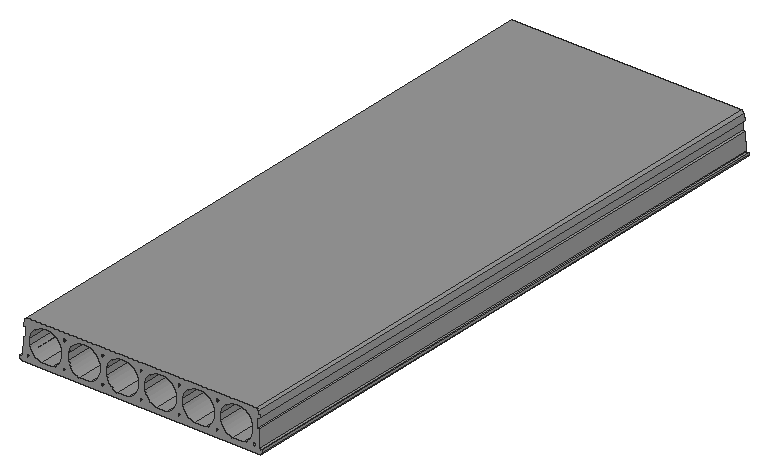
Revit family "Stropný panel KINBETO_SPK", category Obecné modely, Revit 2021 (continued)
Definition of nested family "Stropný panel SP 500"
  Dimensions and locks
    locked: plane 4 to plane 16 at 14
    "dĺžka panelu": plane 1 "Center (Front/Back)" to plane 23
    locked: plane 10 to level at 10
    locked: plane 9 to plane 2 at 25
    locked: plane 11 to plane 9 at 10.4
    plane 4 to plane 17 to plane 21 to plane 19 to plane 22 to plane 5 = 175.5 mm, 283 mm, 283 mm, 283 mm, 175.5 mm
    aligned and locked: level to plane 2
    aligned and locked: plane 1 "Center (Front/Back)" to Extrusion 1
    aligned and locked: Extrusion 1 to plane 23
    aligned and locked: Extrusion 2 to plane 23
    aligned and locked: plane 1 "Center (Front/Back)" to Extrusion 2
  Automatic sketch dimensions
    plane 4 to Extrusion 1 sketch curve = 0 mm
    Extrusion 1 sketch curve to level = 0 mm
    plane 6 to Extrusion 1 sketch curve = 0 mm  (x2)
    Extrusion 1 sketch curve to plane 11 = 0 mm  (x2)
    plane 16 to Extrusion 1 sketch curve = 0 mm
    Extrusion 1 sketch curve to plane 12 = 0 mm  (x2)
    Extrusion 1 sketch curve to plane 15 = 0 mm  (x2)
    Extrusion 1 sketch curve to plane 8 = 0 mm
    Extrusion 1 sketch curve to plane 3 "Center (Left/Right)" = 0 mm  (x3)
    plane 7 to Extrusion 1 sketch curve = 0 mm  (x2)
    plane 5 to Extrusion 1 sketch curve = 0 mm
    Extrusion 1 sketch curve to plane 10 = 0 mm  (x2)
    Extrusion 1 sketch curve to plane 9 = 0 mm  (x2)
    plane 13 to Extrusion 1 sketch curve = 1.84 mm  (x2)
    plane 13 to Extrusion 1 sketch curve = 3 mm
    Extrusion 1 sketch curve to plane 14 = 1.84 mm
    Extrusion 1 sketch curve to plane 14 = 5 mm
    Extrusion 1 sketch curve to plane 14 = 19 mm  (x2)
    Extrusion 1 sketch curve to plane 11 = 9.6 mm  (x13)
    Extrusion 1 sketch curve to Extrusion 1 sketch curve = 38 mm  (x2)
    plane 18 to Extrusion 1 sketch curve = 37.5 mm
    plane 18 to Extrusion 1 sketch curve = 18.25 mm
    Extrusion 1 sketch curve to plane 18 = 0.5 mm  (x3)
    Extrusion 1 sketch curve to plane 18 = 19.25 mm
    Extrusion 1 sketch curve to plane 3 "Center (Left/Right)" = 38 mm
    Extrusion 1 sketch curve to plane 3 "Center (Left/Right)" = 18.75 mm
    plane 3 "Center (Left/Right)" to Extrusion 1 sketch curve = 18.75 mm
    plane 3 "Center (Left/Right)" to Extrusion 1 sketch curve = 38 mm
    plane 20 to Extrusion 1 sketch curve = 38 mm
    plane 20 to Extrusion 1 sketch curve = 19.25 mm
    plane 20 to Extrusion 1 sketch curve = 0.5 mm  (x3)
    Extrusion 1 sketch curve to plane 20 = 18.25 mm
    Extrusion 1 sketch curve to plane 20 = 38 mm
    plane 7 to Extrusion 1 sketch curve = 73 mm
    plane 7 to Extrusion 1 sketch curve = 35 mm  (x2)
    plane 7 to Extrusion 1 sketch curve = 21 mm
    plane 15 to Extrusion 1 sketch curve = 4.5 mm  (x2)
    plane 7 to Extrusion 1 sketch curve = 17.84 mm
    plane 7 to Extrusion 1 sketch curve = 11 mm
    Extrusion 1 sketch curve to Extrusion 1 sketch curve = 8 mm  (x2)
    plane 7 to Extrusion 1 sketch curve = 4 mm
    Extrusion 1 sketch curve to Extrusion 1 sketch curve = 40 mm  (x5)
    Extrusion 1 sketch curve to Extrusion 1 sketch curve = 0 mm  (x19)
    Extrusion 1 sketch curve to plane 12 = 4.5 mm  (x2)
    Extrusion 1 sketch curve to plane 12 = 15.13 mm  (x3)
    Extrusion 1 sketch curve to plane 15 = 5.13 mm  (x3)
    Extrusion 1 sketch curve to plane 8 = 10 mm  (x2)
    plane 17 to Extrusion 1 sketch curve = 0 mm
    Extrusion 1 sketch curve to plane 14 = 64.5 mm
    plane 12 to Extrusion 1 sketch curve = 53.128 mm  (x2)
    Extrusion 1 sketch curve to Extrusion 1 sketch curve = 2.811 mm
    Extrusion 1 sketch curve to Extrusion 1 sketch curve = 27.189 mm  (x2)
    Extrusion 1 sketch curve to plane 12 = 14.773 mm  (x2)
    plane 17 to Extrusion 1 sketch curve = 50.526 mm
    Extrusion 1 sketch curve to plane 12 = 2.094 mm  (x2)
    plane 17 to Extrusion 1 sketch curve = 23.337 mm
    plane 18 to Extrusion 1 sketch curve = 66 mm  (x2)
    plane 12 to Extrusion 1 sketch curve = 31.685 mm  (x6)
    Extrusion 1 sketch curve to Extrusion 1 sketch curve = 29.544 mm  (x2)
    Extrusion 1 sketch curve to Extrusion 1 sketch curve = 30 mm  (x6)
    Extrusion 1 sketch curve to Extrusion 1 sketch curve = 125.899 mm
    Extrusion 1 sketch curve to Extrusion 1 sketch curve = 24.188 mm
    plane 18 to Extrusion 1 sketch curve = 55.582 mm
    Extrusion 1 sketch curve to Extrusion 1 sketch curve = 58.946 mm  (x2)
    Extrusion 1 sketch curve to Extrusion 1 sketch curve = 67.466 mm  (x2)
    plane 17 to Extrusion 1 sketch curve = 38.958 mm
    plane 17 to Extrusion 1 sketch curve = 14.383 mm
    Extrusion 1 sketch curve to plane 11 = 32.393 mm  (x3)
    Extrusion 1 sketch curve to Extrusion 1 sketch curve = 17.207 mm  (x3)
    Extrusion 1 sketch curve to Extrusion 1 sketch curve = 10.851 mm  (x2)
    Extrusion 1 sketch curve to Extrusion 1 sketch curve = 34.415 mm
    Extrusion 1 sketch curve to plane 17 = 14.383 mm
    Extrusion 1 sketch curve to Extrusion 1 sketch curve = 24.575 mm  (x4)
    Extrusion 1 sketch curve to Extrusion 1 sketch curve = 9.939 mm  (x6)
    Extrusion 1 sketch curve to Extrusion 1 sketch curve = 23.996 mm  (x2)
    Extrusion 1 sketch curve to plane 17 = 26.33 mm
    plane 21 to Extrusion 1 sketch curve = 0 mm
    Extrusion 1 sketch curve to plane 18 = 37 mm
    Extrusion 1 sketch curve to Extrusion 1 sketch curve = 0.456 mm  (x4)
    Extrusion 1 sketch curve to plane 18 = 56.582 mm
    plane 21 to Extrusion 1 sketch curve = 38.958 mm
    plane 21 to Extrusion 1 sketch curve = 14.383 mm
    Extrusion 1 sketch curve to plane 21 = 14.383 mm
    Extrusion 1 sketch curve to plane 3 "Center (Left/Right)" = 66.5 mm
    Extrusion 1 sketch curve to plane 11 = 19.6 mm
    Extrusion 1 sketch curve to Extrusion 1 sketch curve = 12.793 mm  (x2)
    Extrusion 1 sketch curve to Extrusion 1 sketch curve = 34.951 mm  (x4)
    Extrusion 1 sketch curve to Extrusion 1 sketch curve = 5.209 mm  (x4)
    plane 12 to Extrusion 1 sketch curve = 89.995 mm  (x3)
    Extrusion 1 sketch curve to plane 21 = 1.124 mm
    Extrusion 1 sketch curve to Extrusion 1 sketch curve = 47.271 mm  (x3)
    plane 21 to Extrusion 1 sketch curve = 26.33 mm
    Extrusion 1 sketch curve to plane 21 = 26.33 mm
    Extrusion 1 sketch curve to plane 3 "Center (Left/Right)" = 36.956 mm
    Extrusion 1 sketch curve to Extrusion 1 sketch curve = 108.469 mm
    plane 19 to Extrusion 1 sketch curve = 0 mm
    plane 3 "Center (Left/Right)" to Extrusion 1 sketch curve = 66.5 mm
    plane 20 to Extrusion 1 sketch curve = 67 mm
    Extrusion 1 sketch curve to Extrusion 1 sketch curve = 120.69 mm
    plane 3 "Center (Left/Right)" to Extrusion 1 sketch curve = 56.082 mm
    plane 19 to Extrusion 1 sketch curve = 26.33 mm
    Extrusion 1 sketch curve to Extrusion 1 sketch curve = 10.419 mm
    plane 19 to Extrusion 1 sketch curve = 38.958 mm
    plane 19 to Extrusion 1 sketch curve = 14.383 mm
    Extrusion 1 sketch curve to plane 19 = 14.383 mm
    Extrusion 1 sketch curve to plane 19 = 26.33 mm
    plane 22 to Extrusion 1 sketch curve = 0 mm
    Extrusion 1 sketch curve to plane 20 = 36 mm
    Extrusion 1 sketch curve to plane 22 = 23.337 mm
    Extrusion 1 sketch curve to Extrusion 1 sketch curve = 31.663 mm
    Extrusion 1 sketch curve to Extrusion 1 sketch curve = 12.679 mm
    Extrusion 1 sketch curve to plane 22 = 25 mm
    Extrusion 1 sketch curve to plane 22 = 38.958 mm
    Extrusion 1 sketch curve to plane 22 = 14.383 mm
    plane 22 to Extrusion 1 sketch curve = 14.383 mm
    plane 22 to Extrusion 1 sketch curve = 26.33 mm
    Extrusion 1 sketch curve to Extrusion 1 sketch curve = 1.899 mm
    Extrusion 2 sketch curve to plane 18 = 0.5 mm  (x3)
    Extrusion 2 sketch curve to plane 12 = 15.13 mm  (x3)
    plane 18 to Extrusion 2 sketch curve = 5.75 mm  (x3)
    Extrusion 2 sketch curve to plane 15 = 5.13 mm  (x3)
    Extrusion 2 sketch curve to plane 14 = 19 mm  (x2)
    Extrusion 2 sketch curve to plane 11 = 9.6 mm  (x13)
    Extrusion 2 sketch curve to Extrusion 2 sketch curve = 6.25 mm  (x21)
    Extrusion 2 sketch curve to Extrusion 2 sketch curve = 40 mm  (x4)
    Extrusion 2 sketch curve to Extrusion 2 sketch curve = 31.75 mm  (x4)
    plane 18 to Extrusion 2 sketch curve = 37.5 mm
    plane 18 to Extrusion 2 sketch curve = 18.25 mm
    Extrusion 2 sketch curve to plane 18 = 19.25 mm
    Extrusion 2 sketch curve to Extrusion 2 sketch curve = 0 mm  (x5)
    Extrusion 2 sketch curve to plane 3 "Center (Left/Right)" = 38 mm
    Extrusion 2 sketch curve to plane 3 "Center (Left/Right)" = 0 mm  (x3)
    Extrusion 2 sketch curve to plane 3 "Center (Left/Right)" = 6.25 mm  (x3)
    plane 3 "Center (Left/Right)" to Extrusion 2 sketch curve = 18.75 mm
    Extrusion 2 sketch curve to plane 3 "Center (Left/Right)" = 18.75 mm
    plane 20 to Extrusion 2 sketch curve = 19.25 mm
    Extrusion 2 sketch curve to plane 11 = 49.6 mm
    plane 20 to Extrusion 2 sketch curve = 38 mm
    plane 20 to Extrusion 2 sketch curve = 0.5 mm  (x3)
    Extrusion 2 sketch curve to plane 20 = 18.25 mm
    Extrusion 2 sketch curve to Extrusion 2 sketch curve = 32.25 mm
    plane 7 to Extrusion 2 sketch curve = 73 mm
    plane 7 to Extrusion 2 sketch curve = 35 mm
    radius of Extrusion 1 sketch curve = 6.25 mm  (x27)
Types (5, lengths in mm): name | Tepelný odpor | SP400 | SP320 | SP265 | SP200 | Popis | Model | Index vzduchovej nepriezvučnosti (dB) | Index kročajovej nepriezvučnosti (dB) | Hmotnosť stropného panelu
  SPK 200 | 0.1600 (m²·K)/W | no | no | no | yes | "Vystužené pozdĺžnou predpínacou výstužou" | "SP200" | "49" | "81" | 277.00 kg/m²
  SPK 265 | 0.1800 (m²·K)/W | no | no | yes | no | "Vystužené pozdĺžnou predpínacou výstužou." | "SP265" | "54" | "79" | 360.00 kg/m²
  SPK 320 | 0.2000 (m²·K)/W | no | yes | no | no | "Vystužené pozdĺžnou predpínacou výstužou" | "SP320" | "53" | "79" | 383.00 kg/m²
  SPK 400 | 0.2900 (m²·K)/W | yes | no | no | no | "Vystužené pozdĺžnou predpínacou výstužou" | "SP400" | "57" | "76" | 434.00 kg/m²
  SPK 500 | 0.2600 (m²·K)/W | yes | no | no | no | "Vystužené pozdĺžnou predpínacou výstužou" | "SP500" | "62" | "71" | 600.00 kg/m²
